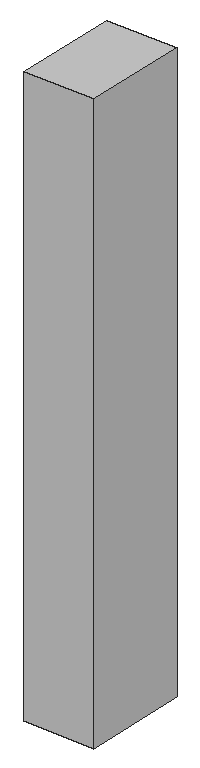
Revit family "M_Concrete-Rectangular-Column", category 구조 기둥, Revit 2026
Family settings
  숨겨진 뷰로 표시 = 다른 부재에 가려진 모서리
  단면 모양 = 정의되지 않음
  모델 동작 재료 = 콘크리트
  항상 형상으로 내보내기 = 아니오
  평면의 보 전환 = 경계 상자에서
  로드될 때 보이드를 사용하여 절단 = 아니오
  기호 표현 = 패밀리에서
  공유 = 아니오
  평면도에서 미리 절단된 패밀리 표시 = 예
Parameters (values of type "300 x 450mm")
  Structural Material [instance] = Concrete - Cast-in-Place Concrete
  b = 300 mm
  h = 450 mm
Types (4, lengths in mm): name | b | h
  (no name) | 300 | 450
  300 x 450mm | 300 | 450
  450 x 600mm | 450 | 600
  600 x 750mm | 600 | 750
Reference planes
  plane 1 "Center (Front/Back)": y = 0
  plane 2: z = 0
  plane 3 "Center (Left/Right)": x = 0
  plane 4: x = -150
  plane 5: x = 150
  plane 6: y = 225
  plane 7: y = -225
Forms (mm)
  Extrusion 1, solid, material "Concrete - Cast-in-Place Concrete" <- "Structural Material"
    sketch origin (0, 0, 0) x (1, 0, 0) y (0, 1, 0)
      loop
        line (-150, 225) -> (-150, -225) -> (150, -225) -> (150, 225) -> (-150, 225)
    from 0 to 2500
Dimensions and locks
  equal spacing: plane 4, plane 3 "Center (Left/Right)", plane 5
  equal spacing: plane 7, plane 1 "Center (Front/Back)", plane 6
  "h": plane 7 to plane 6
  "b": plane 4 to plane 5
  aligned and locked: plane 6 to Extrusion 1 sketch curve
  aligned and locked: Extrusion 1 sketch curve to plane 7
  aligned and locked: Extrusion 1 sketch curve to plane 4
  aligned and locked: plane 5 to Extrusion 1 sketch curve
  aligned and locked: level to Extrusion 1
  aligned and locked: level to plane 2
  aligned and locked: Extrusion 1 to plane 2
